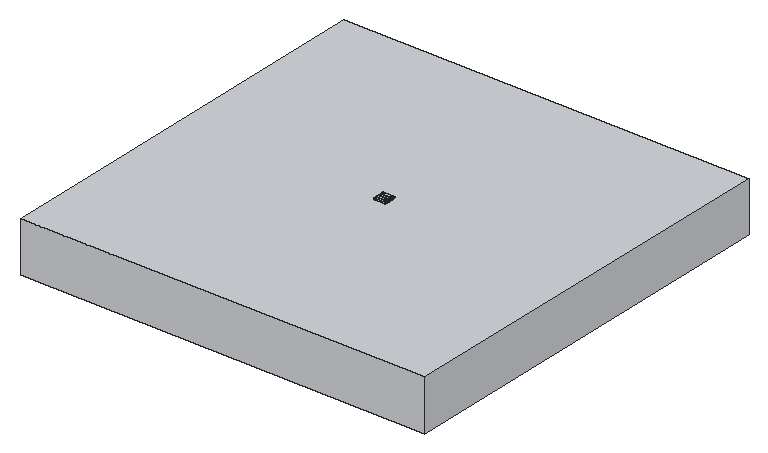
Revit family "Gira_2034112", category Elektroinstallationen, Revit 2017
Family settings
  Basisbauteil = Fläche
  Beschriftungsausrichtung beibehalten = Nein
  Bemaßung runder Anschluss = Durchmesser verwenden
  Teiletyp = Normal
  Beim Laden mit Abzugskörper schneiden = Nein
  Gemeinsam genutzt = Nein
  Raumberechnungspunkt = Nein
Parameters (values of type "KNX Tastsens.3 Komfort 4f Flächenschalter Reinweiß")
  Werkstoffgüte = "Thermoplast"
  Werkstoff Text = "Kunststoff"
  Default Elevation = 1219.2 mm
  URL = "https://www.gira.de/"
  Typname = "KNX Tastsens.3 Komfort 4f Flächenschalter Reinweiß"
  Type Comments = ""
  Transparent = no
  Schutzart (IP) = "IP20"
  RAL-Nummer (ähnlich) = 9010
  Produktseite = "https://media.stage.bim.site/t/eyJhbGciOiJIUzI1NiIsInR5cCI6IkpXVCJ9.eyJjdCI6MiwidHUiOiJodHRwOi8va2F0YWxvZy5naXJhLmRlL2RlX0RFL2RhdGVuYmxhdHQuaHRtbD9hcnRpa2VsbnI9MjAzNDExMiIsImNpZCI6IjMyNzdjYzIzLTgxYTktNGVlMy1hOTBhLWI0N2JiNGMwYjYxNiIsInJpZCI6ImJmMGE1ZGQ5MzUwNWJiY2QxMjg5YjM0MWUxOWFhYzQyIiwicGlkIjoiMzcyNDM5YWEyYmViYmJmMDVjZTllMzAxNWJhYzdhM2ViZWUyZDRlMiIsInNpZCI6IjYzNDcwIiwidXQiOjEsImxjIjoiZGUiLCJpYXQiOjE2MDA5MzgzNzgsImlzcyI6Imh0dHBzOi8vYXBpLmxpdmUuYmltLnNpdGUiLCJzdWIiOiJhZG1pbkBiaW1zaXRlLmRldiJ9.7e79oS5UaaOwV0PHzy72WtzNWzV97EXfBoGW48-bzBI"
  Oberfläche Text = "sonstige"
  Montageart = "Unterputz"
  Model = ""
  Mit Raumthermostat = yes
  Mit LED-Anzeige = yes
  Mit Infrarotsensor = no
  Mit Display = no
  Mit Diebstahl-/Demontageschutz = yes
  Mit Busankopplung = no
  Mit Beschriftungsfeld = no
  Kosten = 0
  Hersteller = "Gira"
  HeinzeBIM = "https://www.heinze.de/bim/knx-tastsens-3-komfort-4f-flaechenschalter-reinweiss/372439aa2bebbbf05ce9e3015bac7a3ebee2d4e2"
  HAN = "2034112"
  GTIN = "4010337081845"
  Farbe = "weiß"
  Datenblatt 1 = "https://media.stage.bim.site/t/eyJhbGciOiJIUzI1NiIsInR5cCI6IkpXVCJ9.eyJjdCI6MSwidGYiOiJwdWJsaWMvZ2lyYS9hZThjNTU3LzIwMzQxMTIudHh0IiwiY2lkIjoiMzI3N2NjMjMtODFhOS00ZWUzLWE5MGEtYjQ3YmI0YzBiNjE2IiwicmlkIjoiYmYwYTVkZDkzNTA1YmJjZDEyODliMzQxZTE5YWFjNDIiLCJwaWQiOiIzNzI0MzlhYTJiZWJiYmYwNWNlOWUzMDE1YmFjN2EzZWJlZTJkNGUyIiwic2lkIjoiNjM0NzAiLCJ1dCI6MSwibGMiOiJkZSIsImlhdCI6MTYwMDkzODM3OCwiaXNzIjoiaHR0cHM6Ly9hcGkubGl2ZS5iaW0uc2l0ZSIsInN1YiI6ImFkbWluQGJpbXNpdGUuZGV2In0.C7ZXO8PQ0CUGg0KSKd6aiulqaLI69KpII1VWlTOC9V0/2034112.txt"
  Datenblatt = "https://media.stage.bim.site/t/eyJhbGciOiJIUzI1NiIsInR5cCI6IkpXVCJ9.eyJjdCI6MSwidHUiOiJodHRwczovL2thdGFsb2cuZ2lyYS5kZS9kZV9ERS9kb3dubG9hZC5odG1sP2FydGlrZWxucj0yMDM0MTEyIiwiY2lkIjoiMzI3N2NjMjMtODFhOS00ZWUzLWE5MGEtYjQ3YmI0YzBiNjE2IiwicmlkIjoiYmYwYTVkZDkzNTA1YmJjZDEyODliMzQxZTE5YWFjNDIiLCJwaWQiOiIzNzI0MzlhYTJiZWJiYmYwNWNlOWUzMDE1YmFjN2EzZWJlZTJkNGUyIiwic2lkIjoiNjM0NzAiLCJ1dCI6MSwibGMiOiJkZSIsImlhdCI6MTYwMDkzODM3OCwiaXNzIjoiaHR0cHM6Ly9hcGkubGl2ZS5iaW0uc2l0ZSIsInN1YiI6ImFkbWluQGJpbXNpdGUuZGV2In0.iD0y4TCQMSEtJQxdJ8pWnjADoqI4uQAq3ae0hn_KcC0"
  Bussystem Powernet = no
  Bussystem LON = no
  Bussystem KNX-Funk = no
  Bussystem KNX = yes
  Bussystem Funkbus = no
  Beschreibung = "KNX Tastsensor 3 Komfort 4fach  Reinweiß glänzend Merkmale:  Montage auf Busankoppler 3.  Demontageschutz durch Verschraubung.  Zwei mehrfarbige Status-LEDs je Bedienfläche.  Integrierter Temperatursensor zum Messen und Weiterleiten der lokalen Raumtemperatur.  Wippen- oder Tastenfunktion für jede Bedienfläche einstellbar.  Wippenfunktion: Schalten, Dimmen, Jalousiesteuerung, Wertgeber 1 Byte, Wertgeber 2 Byte und Szenennebenstelle.  Tastenfunktion: Schalten, Dimmen, Jalousiesteuerung, Wertgeber 1 Byte, Wertgeber 2 Byte, Szenennebenstelle und Raumtemperaturregler-Nebenstelle.  Reglernebenstelle: Betriebsmodusumschaltung mit normaler und hoher Priorität, definierte Wahl eines Betriebsmodus, Wechsel zwischen verschiedenen Betriebsmodi, Wechsel des Präsenzzustands, Sollwertverschiebung.  Sperrobjekt zum Sperren von einzelnen Tasten- bzw. Wippenfunktionen.  Anzeige einer Alarmmeldung durch Blinken sämtlicher LEDs.  Mehrfarbige Status-LED (rot, grün, blau) ist global oder jeweils getrennt konfigurierbar. Über den Bus kann eine überlagerte Funktion aktiviert werden, wodurch Farbe und Anzeigeinformation einzelner Status-LEDs prioritätsbedingt verändert werden können.  Weiße Betriebs-LED.  Betriebs-LED EIN, AUS, automatische Abschaltung oder über Objekt schaltbar.  Kommunikationsobjekt zur Helligkeitssteuerung der Status-LED und Betriebs-LED (z. B. für nächtliche Reduzierung der Helligkeit in Schlafräumen).  Hinweise :  Professionelle Beschriftung über den Gira Beschriftungsservice www.beschriftung.gira.de."
  Assembly Code = ""
  Keynote = ""
  BIMSITE_PRODUCT_ID = "372439aa2bebbbf05ce9e3015bac7a3ebee2d4e2"
  BIM = "https://media.stage.bim.site/t/eyJhbGciOiJIUzI1NiIsInR5cCI6IkpXVCJ9.eyJjdCI6MSwidGYiOiJwdWJsaWMvZ2lyYS9hZThjNTU3L0tOWCBUYXN0c2Vuc29yIDMgS29tZm9ydCA0ZmFjaC5yZmEiLCJjaWQiOiIzMjc3Y2MyMy04MWE5LTRlZTMtYTkwYS1iNDdiYjRjMGI2MTYiLCJyaWQiOiJiZjBhNWRkOTM1MDViYmNkMTI4OWIzNDFlMTlhYWM0MiIsInBpZCI6IjM3MjQzOWFhMmJlYmJiZjA1Y2U5ZTMwMTViYWM3YTNlYmVlMmQ0ZTIiLCJzaWQiOiI2MzQ3MCIsInV0Ijo1LCJsYyI6ImRlIiwiaWF0IjoxNjAwOTM4Mzc4LCJpc3MiOiJodHRwczovL2FwaS5saXZlLmJpbS5zaXRlIiwic3ViIjoiYWRtaW5AYmltc2l0ZS5kZXYifQ.VN8j32qYdPHZxis3ap3qEFynudYHzfi_yfnngl2PzuU/KNX Tastsensor 3 Komfort 4fach.rfa"
  Ausführung der Oberfläche = "glänzend"
  Anzahl der Tasten = 4
  Anzahl der Betätigungspunkte = 8
  Andere Bussysteme = "ohne"
Reference planes
  plane 1 "Center (Front/Back)": y = 0
  plane 2: z = 0
  plane 3 "Center (Left/Right)": x = 0
  plane 4: z = -9.604
  plane 5: y = 17.86
  plane 6: y = -17.86
  plane 7: y = 17.577
Forms (mm)
  Extrusion 1, solid
    sketch origin (0, 0, 0) x (1, 0, 0) y (0, 1, 0)
      loop
        line (-1219.2, 1219.2) -> (-1219.2, -1219.2) -> (1219.2, -1219.2) -> (1219.2, 1219.2) -> (-1219.2, 1219.2)
    from 0 to -304.8
  Extrusion 2, solid, detail levels fine
    sketch origin (0, 0, 0) x (1, 0, 0) y (0, 0, 1)
      loop
        line (-35.204, 3.097) -> (-35.258, 0) -> (-34.021, 0) -> (-33.888, 1.9) -> (33.888, 1.9) -> (34.021, 0) -> (35.258, 0) -> (35.204, 3.097) -> (34.204, 3.884) -> (35.165, 5.362) -> (35.143, 6.6) -> (-35.143, 6.6) -> (-35.165, 5.362) -> (-34.204, 3.884) -> (-35.204, 3.097)
    from -35.386 to -17.86
  Extrusion 3, solid, detail levels fine
    sketch origin (0, 0, 0) x (1, 0, 0) y (0, 0, 1)
      loop
        line (-34.914, -3.101) -> (34.914, -3.101) -> (34.835, -1.601) -> (33.811, -1.601) -> (33.523, 1.699) -> (-33.523, 1.699) -> (-33.811, -1.601) -> (-34.835, -1.601) -> (-34.914, -3.101)
    from -35 to 34.963
  SweptBlend 4, solid, detail levels fine
    path origin (0, 0, 0) x (0, 1, 0) y (0, 0, 1)
      loop
        line (0, -4.751) -> (0, -3.101)
    profile origin (0, 0, -4.751) x (0, -1, 0) y (1, 0, 0)
      loop
        line (-33.684, -33.637) -> (33.649, -33.637) -> (33.649, 33.637) -> (-33.684, 33.637) -> (-33.684, -33.637)
    end profile origin (0, 0, -3.101) x (0, -1, 0) y (1, 0, 0)
      loop
        line (33.94, -33.987) -> (33.94, 33.987) -> (-34.035, 33.987) -> (-34.035, -33.987) -> (33.94, -33.987)
  Extrusion 5, solid, detail levels fine
    sketch origin (0, 0, 0) x (1, 0, 0) y (0, 1, 0)
      loop
        line (-23.957, 19.167) -> (-23.957, 7.073) -> (-25.607, 7.073) -> (-25.607, -7.04) -> (-23.957, -7.04) -> (-23.957, -19.133)
        arc (-23.957, -19.133) -> (-22.549, -22.532) -> (-19.15, -23.94) r 4.807
        line (-19.15, -23.94) -> (19.15, -23.94)
        arc (19.15, -23.94) -> (22.549, -22.532) -> (23.957, -19.133) r 4.807
        line (23.957, -19.133) -> (23.957, -7.04) -> (25.607, -7.04) -> (25.607, 7.073) -> (23.957, 7.073) -> (23.957, 19.167)
        arc (23.957, 19.167) -> (22.549, 22.565) -> (19.15, 23.973) r 4.807
        line (19.15, 23.973) -> (-19.15, 23.973)
        arc (-19.15, 23.973) -> (-22.549, 22.565) -> (-23.957, 19.167) r 4.807
      loop
        line (-23.8, 6.217) -> (-24.95, 6.217) -> (-24.95, -6.183) -> (-23.843, -6.183) -> (-17.1, -3.181) -> (-17.1, 3.214) -> (-23.8, 6.217)
      loop
        line (23.843, 6.217) -> (17.1, 3.214) -> (17.1, -3.181) -> (23.8, -6.183) -> (24.95, -6.183) -> (24.95, 6.217) -> (23.843, 6.217)
    from -4.501 to -7.001
  Extrusion 6, solid, detail levels fine
    sketch origin (0, 0, 0) x (1, 0, 0) y (0, 1, 0)
      loop
        line (18.766, 1.305) -> (18.766, -1.275) -> (21, -2.565) -> (23.234, -1.275) -> (23.234, 1.305) -> (21, 2.595) -> (18.766, 1.305)
      loop
        line (-23.234, 1.305) -> (-23.234, -1.275) -> (-21, -2.565) -> (-18.766, -1.275) -> (-18.766, 1.305) -> (-21, 2.595) -> (-23.234, 1.305)
    from -5.101 to -7.001
  Extrusion 7, solid, detail levels fine
    sketch origin (0, 0, 0) x (1, 0, 0) y (0, 1, 0)
      loop
        line (-6.603, -21.281) -> (-6.603, -15.981) -> (6.603, -15.981) -> (6.603, -21.281) -> (7.397, -21.281) -> (7.397, -15.186) -> (-7.397, -15.186) -> (-7.397, -21.281) -> (-6.603, -21.281)
    from -7.301 to -10.401
  Extrusion 8, solid, detail levels fine
    sketch origin (0, 0, 0) x (1, 0, 0) y (0, 1, 0)
      loop
        line (-8.504, -14.749) -> (-8.504, -22.758) -> (8.504, -22.758) -> (8.504, -14.749) -> (-8.504, -14.749)
      loop
        circle (-5.08, -17.483) r 0.5
      loop
        circle (-2.54, -17.483) r 0.5
      loop
        circle (0, -17.483) r 0.5
      loop
        circle (2.54, -17.483) r 0.5
      loop
        circle (5.08, -17.483) r 0.5
      loop
        circle (5.08, -20.023) r 0.5
      loop
        circle (2.54, -20.023) r 0.5
      loop
        circle (0, -20.023) r 0.5
      loop
        circle (-2.54, -20.023) r 0.5
      loop
        circle (-5.08, -20.023) r 0.5
    from -6.527 to -7.301
  Extrusion 9, solid, detail levels fine
    sketch origin (0, 0, 0) x (1, 0, 0) y (0, 1, 0)
      loop
        line (-6.603, -18.141) -> (-6.603, -15.981) -> (-0.888, -15.981) -> (-0.888, -15.186) -> (-7.397, -15.186) -> (-7.397, -18.141) -> (-6.603, -18.141)
      loop
        line (6.603, -18.141) -> (7.397, -18.141) -> (7.397, -15.186) -> (0.888, -15.186) -> (0.888, -15.981) -> (6.603, -15.981) -> (6.603, -18.141)
    from -10.401 to -15.001
  Extrusion 10, solid, detail levels fine
    sketch origin (0, 0, 0) x (1, 0, 0) y (0, 1, 0)
      loop
        line (-14.008, -23.94) -> (-14.008, -25.541) -> (-12.361, -25.541) -> (-12.361, -24.233) -> (-9.639, -24.233) -> (-9.639, -25.541) -> (-7.992, -25.541) -> (-7.992, -23.94) -> (-14.008, -23.94)
    from -4.501 to -6.101
  Extrusion 11, solid, detail levels fine
    sketch origin (0, 0, 0) x (-1, 0, 0) y (0, -1, 0)
      loop
        line (-14.008, 23.94) -> (-7.992, 23.94) -> (-7.992, 25.541) -> (-9.639, 25.541) -> (-9.639, 24.233) -> (-12.361, 24.233) -> (-12.361, 25.541) -> (-14.008, 25.541) -> (-14.008, 23.94)
    from -4.501 to -6.101
  Extrusion 12, solid, detail levels fine
    sketch origin (0, 0, 0) x (-1, 0, 0) y (0, -1, 0)
      loop
        line (-14.008, -23.867) -> (-14.008, -25.574) -> (-12.361, -25.574) -> (-12.361, -24.233) -> (-9.639, -24.233) -> (-9.639, -25.574) -> (-7.992, -25.574) -> (-7.992, -23.867) -> (-14.008, -23.867)
    from -4.501 to -6.101
  Extrusion 13, solid, detail levels fine
    sketch origin (0, 0, 0) x (1, 0, 0) y (0, 1, 0)
      loop
        line (-14.008, 23.867) -> (-7.992, 23.867) -> (-7.992, 25.574) -> (-9.639, 25.574) -> (-9.639, 24.233) -> (-12.361, 24.233) -> (-12.361, 25.574) -> (-14.008, 25.574) -> (-14.008, 23.867)
    from -4.501 to -6.101
  Revolve 14, solid, detail levels fine
    sketch origin (0, 26.587, 0) x (1, 0, 0) y (0, 0, 1)
      loop
        line (-29, 7) -> (-30.327, 6) -> (-28, 6) -> (-28, 7) -> (-29, 7)
      axis (-28, 7) -> (-28, 6)
    angle from 0 to 360
  Extrusion 15, solid, detail levels coarse
    sketch origin (0, 0, 0) x (1, 0, 0) y (0, 1, 0)
      loop
        line (35.258, 35.386) -> (-35.258, 35.386) -> (-35.258, -35.355) -> (35.258, -35.355) -> (35.258, 35.386)
    from -18.904 to 7
  Extrusion 16, solid, detail levels medium
    sketch origin (0, 0, 0) x (1, 0, 0) y (0, 1, 0)
      loop
        line (35.258, 35.386) -> (-35.258, 35.386) -> (-35.258, 17.86) -> (35.258, 17.86) -> (35.258, 35.386)
    from 0 to 7
  Extrusion 17, solid, detail levels medium
    sketch origin (0, 0, 0) x (1, 0, 0) y (0, 1, 0)
      loop
        line (-34.914, 35.017) -> (-34.914, -34.994) -> (34.914, -34.994) -> (34.914, 35.017) -> (-34.914, 35.017)
    from 0 to -4.754
  Extrusion 18, solid, detail levels medium
    sketch origin (0, 0, 0) x (1, 0, 0) y (0, 1, 0)
      loop
        line (-23.957, 23.973) -> (-23.957, -23.94) -> (23.957, -23.94) -> (23.957, 23.973) -> (-23.957, 23.973)
    from -7.001 to -4.751
  Extrusion 19, solid, detail levels medium
    sketch origin (0, 0, 0) x (1, 0, 0) y (0, 1, 0)
      loop
        line (-7.397, -15.186) -> (-7.397, -21.281) -> (7.397, -21.281) -> (7.397, -15.186) -> (-7.397, -15.186)
    from -15.001 to 0
  Extrusion 20, solid, detail levels fine
    sketch origin (0, 0, 0) x (1, 0, 0) y (0, 1, 0)
      loop
        circle (21.002, 0.017) r 1.5
    from -9.604 to -5.101
  Extrusion 21, solid, detail levels fine
    sketch origin (0, 0, 0) x (1, 0, 0) y (0, 0, 1)
      loop
        line (-24.092, -5.101) -> (-25.266, -10.462)
        arc (-25.266, -10.462) -> (-25.344, -11.857) -> (-24.981, -13.206) r 4.4
        line (-24.981, -13.206) -> (-23.425, -16.671) -> (-23.055, -17.494)
        arc (-23.055, -17.494) -> (-22.984, -18.085) -> (-23.262, -18.612) r 1
        arc (-23.262, -18.612) -> (-22.789, -18.919) -> (-22.319, -18.607) r 0.514
        arc (-22.319, -18.607) -> (-22.168, -17.886) -> (-22.326, -17.166) r 1.8
        line (-22.326, -17.166) -> (-22.695, -16.344) -> (-24.252, -12.879)
        arc (-24.252, -12.879) -> (-24.548, -11.775) -> (-24.484, -10.634) r 3.6
        line (-24.484, -10.634) -> (-23.273, -5.101) -> (-24.092, -5.101)
    from -5.999 to -3.15
  Extrusion 22, solid, detail levels fine
    sketch origin (0, 0, 0) x (1, 0, 0) y (0, 0, -1)
      loop
        line (-24.092, 5.101) -> (-23.273, 5.101) -> (-24.484, 10.634)
        arc (-24.484, 10.634) -> (-24.548, 11.775) -> (-24.252, 12.879) r 3.6
        line (-24.252, 12.879) -> (-22.695, 16.344) -> (-22.326, 17.166)
        arc (-22.326, 17.166) -> (-22.168, 17.886) -> (-22.319, 18.607) r 1.8
        arc (-22.319, 18.607) -> (-22.789, 18.919) -> (-23.262, 18.612) r 0.514
        arc (-23.262, 18.612) -> (-22.984, 18.085) -> (-23.055, 17.494) r 1
        line (-23.055, 17.494) -> (-23.425, 16.671) -> (-24.981, 13.206)
        arc (-24.981, 13.206) -> (-25.344, 11.857) -> (-25.266, 10.462) r 4.4
        line (-25.266, 10.462) -> (-24.092, 5.101)
    from -5.999 to -3.15
  Extrusion 23, solid, detail levels fine
    sketch origin (0, 0, 0) x (-1, 0, 0) y (0, 0, -1)
      loop
        line (-24.092, 5.101) -> (-23.273, 5.101) -> (-24.484, 10.634)
        arc (-24.484, 10.634) -> (-24.548, 11.775) -> (-24.252, 12.879) r 3.6
        line (-24.252, 12.879) -> (-22.695, 16.344) -> (-22.326, 17.166)
        arc (-22.326, 17.166) -> (-22.168, 17.886) -> (-22.319, 18.607) r 1.8
        arc (-22.319, 18.607) -> (-22.789, 18.919) -> (-23.262, 18.612) r 0.514
        arc (-23.262, 18.612) -> (-22.984, 18.085) -> (-23.055, 17.494) r 1
        line (-23.055, 17.494) -> (-23.425, 16.671) -> (-24.981, 13.206)
        arc (-24.981, 13.206) -> (-25.344, 11.857) -> (-25.266, 10.462) r 4.4
        line (-25.266, 10.462) -> (-24.092, 5.101)
    from -5.999 to -3.15
  Extrusion 24, solid, detail levels fine
    sketch origin (0, 0, 0) x (-1, 0, 0) y (0, 0, 1)
      loop
        line (-24.092, -5.101) -> (-25.266, -10.462)
        arc (-25.266, -10.462) -> (-25.344, -11.857) -> (-24.981, -13.206) r 4.4
        line (-24.981, -13.206) -> (-23.425, -16.671) -> (-23.055, -17.494)
        arc (-23.055, -17.494) -> (-22.984, -18.085) -> (-23.262, -18.612) r 1
        arc (-23.262, -18.612) -> (-22.789, -18.919) -> (-22.319, -18.607) r 0.514
        arc (-22.319, -18.607) -> (-22.168, -17.886) -> (-22.326, -17.166) r 1.8
        line (-22.326, -17.166) -> (-22.695, -16.344) -> (-24.252, -12.879)
        arc (-24.252, -12.879) -> (-24.548, -11.775) -> (-24.484, -10.634) r 3.6
        line (-24.484, -10.634) -> (-23.273, -5.101) -> (-24.092, -5.101)
    from -5.999 to -3.15
  Extrusion 25, solid, detail levels medium
    sketch origin (0, 0, 0) x (1, 0, 0) y (0, 0, 1)
      loop
        line (-22.422, -18.904) -> (-21.545, -18.904) -> (-24.739, -11.795) -> (-23.273, -5.101) -> (-24.092, -5.101) -> (-25.577, -11.881) -> (-22.422, -18.904)
    from -5.999 to 6
  Extrusion 26, solid, detail levels medium
    sketch origin (0, 0, 0) x (-1, 0, 0) y (0, 0, -1)
      loop
        line (-22.422, 18.904) -> (-25.577, 11.881) -> (-24.092, 5.101) -> (-23.273, 5.101) -> (-24.739, 11.795) -> (-21.545, 18.904) -> (-22.422, 18.904)
    from -5.999 to 6
  Extrusion 27, solid, detail levels medium
    sketch origin (0, 0, 0) x (1, 0, 0) y (0, 1, 0)
      loop
        line (22.502, 1.517) -> (19.502, 1.517) -> (19.502, -1.483) -> (22.502, -1.483) -> (22.502, 1.517)
    from -9.604 to -5.101
  Extrusion 28, solid, detail levels medium
    sketch origin (0, 35.437, 0) x (1, 0, 0) y (0, 1, 0)
      loop
        line (35.258, -35.386) -> (35.258, -17.86) -> (-35.258, -17.86) -> (-35.258, -35.386) -> (35.258, -35.386)
    from 0 to 7
  Extrusion 29, solid, detail levels fine
    sketch origin (0, 35.437, 0) x (1, 0, 0) y (0, 0, -1)
      loop
        line (-35.204, -3.097) -> (-34.204, -3.884) -> (-35.165, -5.362) -> (-35.143, -6.6) -> (35.143, -6.6) -> (35.165, -5.362) -> (34.204, -3.884) -> (35.204, -3.097) -> (35.258, 0) -> (34.021, 0) -> (33.888, -1.9) -> (-33.888, -1.9) -> (-34.021, 0) -> (-35.258, 0) -> (-35.204, -3.097)
    from -35.386 to -17.86
  Extrusion 30, solid, detail levels medium
    sketch origin (0, 0, 0) x (1, 0, 0) y (0, 1, 0)
      loop
        line (35.258, -35.386) -> (35.258, -17.86) -> (-35.258, -17.86) -> (-35.258, -35.386) -> (35.258, -35.386)
    from 0 to 7
  Extrusion 31, solid, detail levels medium
    sketch origin (0, -35.437, 0) x (1, 0, 0) y (0, 1, 0)
      loop
        line (35.258, 35.386) -> (-35.258, 35.386) -> (-35.258, 17.86) -> (35.258, 17.86) -> (35.258, 35.386)
    from 0 to 7
  Extrusion 32, solid, detail levels fine
    sketch origin (0, 0, 0) x (1, 0, 0) y (0, 0, -1)
      loop
        line (-35.204, -3.097) -> (-34.204, -3.884) -> (-35.165, -5.362) -> (-35.143, -6.6) -> (35.143, -6.6) -> (35.165, -5.362) -> (34.204, -3.884) -> (35.204, -3.097) -> (35.258, 0) -> (34.021, 0) -> (33.888, -1.9) -> (-33.888, -1.9) -> (-34.021, 0) -> (-35.258, 0) -> (-35.204, -3.097)
    from -35.386 to -17.86
  Extrusion 33, solid, detail levels fine
    sketch origin (0, -35.437, 0) x (1, 0, 0) y (0, 0, 1)
      loop
        line (-35.204, 3.097) -> (-35.258, 0) -> (-34.021, 0) -> (-33.888, 1.9) -> (33.888, 1.9) -> (34.021, 0) -> (35.258, 0) -> (35.204, 3.097) -> (34.204, 3.884) -> (35.165, 5.362) -> (35.143, 6.6) -> (-35.143, 6.6) -> (-35.165, 5.362) -> (-34.204, 3.884) -> (-35.204, 3.097)
    from -35.386 to -17.86
  Revolve 34, solid, detail levels fine
    sketch origin (0, 26.587, 0) x (-1, 0, 0) y (0, 0, -1)
      loop
        line (-29, -7) -> (-28, -7) -> (-28, -6) -> (-30.327, -6) -> (-29, -7)
      axis (-28, -7) -> (-28, -6)
    angle from 0 to 360
  Revolve 35, solid, detail levels fine
    sketch origin (0, -26.587, 0) x (-1, 0, 0) y (0, 0, 1)
      loop
        line (-29, 7) -> (-30.327, 6) -> (-28, 6) -> (-28, 7) -> (-29, 7)
      axis (-28, 7) -> (-28, 6)
    angle from 0 to 360
  Revolve 36, solid, detail levels fine
    sketch origin (0, -26.587, 0) x (1, 0, 0) y (0, 0, -1)
      loop
        line (-29, -7) -> (-28, -7) -> (-28, -6) -> (-30.327, -6) -> (-29, -7)
      axis (-28, -7) -> (-28, -6)
    angle from 0 to 360
  Revolve 37, solid, detail levels fine
    sketch origin (0, -8.896, 0) x (1, 0, 0) y (0, 0, 1)
      loop
        line (-29, 7) -> (-30.327, 6) -> (-28, 6) -> (-28, 7) -> (-29, 7)
      axis (-28, 7) -> (-28, 6)
    angle from 0 to 360
  Revolve 38, solid, detail levels fine
    sketch origin (0, -8.896, 0) x (-1, 0, 0) y (0, 0, -1)
      loop
        line (-29, -7) -> (-28, -7) -> (-28, -6) -> (-30.327, -6) -> (-29, -7)
      axis (-28, -7) -> (-28, -6)
    angle from 0 to 360
  Revolve 39, solid, detail levels fine
    sketch origin (0, 8.896, 0) x (-1, 0, 0) y (0, 0, 1)
      loop
        line (-29, 7) -> (-30.327, 6) -> (-28, 6) -> (-28, 7) -> (-29, 7)
      axis (-28, 7) -> (-28, 6)
    angle from 0 to 360
  Revolve 40, solid, detail levels fine
    sketch origin (0, 8.896, 0) x (1, 0, 0) y (0, 0, -1)
      loop
        line (-29, -7) -> (-28, -7) -> (-28, -6) -> (-30.327, -6) -> (-29, -7)
      axis (-28, -7) -> (-28, -6)
    angle from 0 to 360
Lines and regions (mm)
  model lines
    curve 1: line (-27.336, 26.587, 0) -> (-25.896, 26.587, 0)
  reference lines
    curve 2: line (0, 35.386, 0) -> (0, -35.386, 0)
Dimensions and locks
  aligned and locked: plane 2 to Extrusion 1
  aligned and locked: level to Extrusion 1
Connectors
  electrical at (0, -18.753, -7.301)
    settings: on Extrusion 8, index 1, voltage 220 V, apparent load 0 VA, apparent load phase1 0 VA, apparent load phase2 0 VA, apparent load phase3 0 VA, power factor 1, load classification "Other", number of poles 1, system type 31, power factor state 1, is connector primary yes, connector utility no, sub classification motor no, connector description ""
